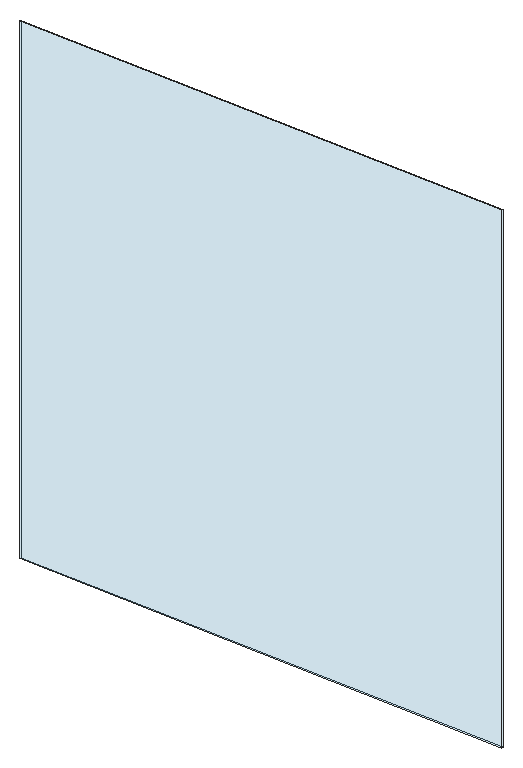
Revit family
Parameters (values of type "72" x 72"")
  Sealant = 0' - 0 3/8"
  Pocket Depth [instance] = 0' - 0 1/2"
  Head Height = Sill Height + Rough Height - Sealant  # 8' - 11 5/8"
  Depth [instance] = 0' - 4 3/4"
  Sill Height = 3' - 0"
  Rough Width = 6' - 0"
  Rough Height = 6' - 0"
  Model = "OPG5000"
  Material = ""
  Manufacturer = "Arcadia"
  Sightline = 0' - 2 5/8"
  Height = Rough Height - Sealant - Sealant  # 5' - 11 1/4"
  Wall Closure = (empty or 0)
  Width = Rough Width - Sealant - Sealant  # 5' - 11 1/4"
  Glass Thickness [instance] = 0' - 0 1/4"
  Offset to Inside Face of Glass [instance] = 0' - 3 13/16"
  Construction Type = "Aluminum"
  Center of Rough Opening [instance] = Rough Width / 2  # 3' - 0"
  Center of Glass [instance] = Glass Thickness / 2  # 0' - 0 1/8"
  Center Wall to Outside Face [instance] = 0' - 2 7/8"
  Assembly Code = ""
Reference planes (in)
  plane 1 "Center (Front/Back)": y = 0
  plane 2: z = 0
  plane 3 "Center (Left/Right)": x = 12
  plane 4 "Rough Opening Bottom": z = 36
  plane 5 "Rough Opening Top": z = 108
  plane 6 "Exterior Face": y = 7.5
  plane 7 "Frame Top": z = 105.375
  plane 8 "Frame Bottom": z = 38.625
  plane 9 "Rough Opening Left": x = -24
  plane 10 "Rough Opening Right": x = 48
  plane 11 "Frame Left": x = -21.375
  plane 12 "Frame Right": x = 45.375
  plane 13 "Exterior Glass Edge": y = 4.73644
  plane 14 "Interior Glass Edge": y = 4.48644
  plane 15 "Glass Centerline": y = 4.61144
  plane 16 "Frame Outside": y = 5.42394
  plane 17 "Frame Inside": y = 0.67394
  plane 18: z = 105.875
  plane 19: z = 38.125
  plane 20: x = 45.875
  plane 21: x = -21.875
  plane 22: x = 47.625
  plane 23: x = -23.625
  plane 24: z = 107.625
  plane 25: z = 36.375
Forms (in)
  Extrusion 1, solid, material "Anodize Arcadia AC2 Clear #11", detail levels coarse
    sketch origin (0, 0, 36) x (0, -1, 0) y (1, 0, 0)
      loop
        line (-5.42394, -24) -> (-0.67394, -24) -> (-0.67394, -21.375) -> (-4.48644, -21.375) -> (-4.48644, -21.875) -> (-4.73644, -21.875) -> (-4.73644, -21.375) -> (-5.42394, -21.375) -> (-5.42394, -24)
    from 0 to 72 <- "Rough Height"
  Extrusion 2, solid, material "Anodize Arcadia AC2 Clear #11", detail levels coarse
    sketch origin (0, 0, 36) x (0, -1, 0) y (1, 0, 0)
      loop
        line (-5.42394, 45.375) -> (-4.73644, 45.375) -> (-4.73644, 45.875) -> (-4.48644, 45.875) -> (-4.48644, 45.375) -> (-0.67394, 45.375) -> (-0.67394, 48) -> (-5.42394, 48) -> (-5.42394, 45.375)
    from 0 to 72 <- "Rough Height"
  Extrusion 3, solid, material "Glass"
    sketch origin (-0.5, 0, 36) x (0, -1, 0) y (1, 0, 0)
      loop
        line (-4.73644, -21.375) -> (-4.48644, -21.375) -> (-4.48644, 46.375) -> (-4.73644, 46.375) -> (-4.73644, -21.375)
    from 2.125 to 69.875
  Extrusion 4, solid, material "Anodize Arcadia AC2 Clear #11", detail levels coarse
    sketch origin (-24, 0, 0) x (0, 1, 0) y (0, 0, 1)
      loop
        line (0.67394, 108) -> (0.67394, 105.375) -> (4.48644, 105.375) -> (4.48644, 105.875) -> (4.73644, 105.875) -> (4.73644, 105.375) -> (5.42394, 105.375) -> (5.42394, 108) -> (0.67394, 108)
    from 0 to 72 <- "Rough Width"
  Extrusion 5, solid, material "Anodize Arcadia AC2 Clear #11", detail levels coarse
    sketch origin (-24, 0, 0) x (0, 1, 0) y (0, 0, 1)
      loop
        line (5.42394, 38.625) -> (4.73644, 38.625) -> (4.73644, 38.125) -> (4.48644, 38.125) -> (4.48644, 38.625) -> (0.67394, 38.625) -> (0.67394, 36) -> (5.42394, 36) -> (5.42394, 38.625)
    from 0 to 72 <- "Rough Width"
  Extrusion 6, void
    sketch origin (0, 0, 36) x (0, -1, 0) y (1, 0, 0)
      loop
        line (-7.5, -24) -> (0.5, -24) -> (0.5, 48) -> (-7.5, 48) -> (-7.5, -24)
    from 0 to 72 <- "Rough Height"
Lines and regions (in)
  symbolic lines, detail levels coarse
    curve 1: line (-24, 5.42394, 0) -> (-21.375, 5.42394, 0)
    curve 2: line (-21.375, 5.42394, 0) -> (-21.375, 4.73644, 0)
    curve 3: line (45.875, 4.73644, 0) -> (-21.875, 4.73644, 0)
    curve 4: line (-21.875, 4.73644, 0) -> (-21.875, 4.48644, 0)
    curve 5: line (-21.875, 4.48644, 0) -> (45.875, 4.48644, 0)
    curve 6: line (-21.375, 4.48644, 0) -> (-21.375, 0.67394, 0)
    curve 7: line (-21.375, 0.67394, 0) -> (-24, 0.67394, 0)
    curve 8: line (-24, 0.67394, 0) -> (-24, 5.42394, 0)
    curve 9: line (48, 5.42394, 0) -> (45.375, 5.42394, 0)
    curve 10: line (45.375, 5.42394, 0) -> (45.375, 4.73644, 0)
    curve 11: line (45.875, 4.73644, 0) -> (45.875, 4.48644, 0)
    curve 12: line (45.375, 4.48644, 0) -> (45.375, 0.67394, 0)
    curve 13: line (45.375, 0.67394, 0) -> (48, 0.67394, 0)
    curve 14: line (48, 0.67394, 0) -> (48, 5.42394, 0)
Text (in)
  text "EXTERIOR" at (-58.6888, 50.90694, 0), in view "Ref. Level"
  text "INTERIOR" at (-58.6888, -37.76638, 0), in view "Ref. Level"
  text "Exterior" at (0, 43.65631, 123.19604), in view "Left"
  text "Exterior" at (0, 18.29385, 125.04747), in view "Right"
Dimensions and locks (in)
  "Rough Height": plane 4 "Rough Opening Bottom" to plane 5 "Rough Opening Top"
  "Sill Height": plane 2 to plane 4 "Rough Opening Bottom"
  "Sightline": plane 7 "Frame Top" to plane 5 "Rough Opening Top"
  "Sightline": plane 4 "Rough Opening Bottom" to plane 8 "Frame Bottom"
  "Rough Width": plane 9 "Rough Opening Left" to plane 10 "Rough Opening Right"
  "Sightline": plane 9 "Rough Opening Left" to plane 11 "Frame Left"
  "Sightline": plane 12 "Frame Right" to plane 10 "Rough Opening Right"
  "Depth": plane 17 "Frame Inside" to plane 16 "Frame Outside"
  "Glass Thickness": plane 13 "Exterior Glass Edge" to plane 14 "Interior Glass Edge"
  "Center of Glass": plane 15 "Glass Centerline" to plane 14 "Interior Glass Edge"
  "Center of Rough Opening": plane 9 "Rough Opening Left" to plane 3 "Center (Left/Right)"
  "Offset to Inside Face of Glass": plane 17 "Frame Inside" to plane 14 "Interior Glass Edge"
  "Pocket Depth": plane 12 "Frame Right" to plane 20
  "Pocket Depth": plane 21 to plane 11 "Frame Left"
  "Pocket Depth": plane 7 "Frame Top" to plane 18
  "Pocket Depth": plane 19 to plane 8 "Frame Bottom"
  "Sealant": plane 9 "Rough Opening Left" to plane 23
  "Sealant": plane 22 to plane 10 "Rough Opening Right"
  "Sealant": plane 24 to plane 5 "Rough Opening Top"
  "Sealant": plane 4 "Rough Opening Bottom" to plane 25
  aligned and locked: plane 6 "Exterior Face" to host wall
  aligned and locked: Extrusion 1 sketch curve to plane 17 "Frame Inside"
  aligned and locked: plane 16 "Frame Outside" to Extrusion 1 sketch curve
  aligned and locked: Extrusion 1 sketch curve to plane 11 "Frame Left"
  aligned and locked: plane 9 "Rough Opening Left" to Extrusion 1 sketch curve
  aligned and locked: plane 12 "Frame Right" to Extrusion 2 sketch curve
  aligned and locked: Extrusion 2 sketch curve to plane 10 "Rough Opening Right"
  aligned and locked: Extrusion 2 sketch curve to plane 17 "Frame Inside"
  aligned and locked: plane 16 "Frame Outside" to Extrusion 2 sketch curve
  aligned and locked: Extrusion 3 sketch curve to plane 13 "Exterior Glass Edge"
  aligned and locked: plane 14 "Interior Glass Edge" to Extrusion 3 sketch curve
  aligned and locked: plane 5 "Rough Opening Top" to Extrusion 4 sketch curve
  aligned and locked: Extrusion 4 sketch curve to plane 7 "Frame Top"
  aligned and locked: Extrusion 4 sketch curve to plane 17 "Frame Inside"
  aligned and locked: plane 16 "Frame Outside" to Extrusion 4 sketch curve
  aligned and locked: Extrusion 5 sketch curve to plane 4 "Rough Opening Bottom"
  aligned and locked: plane 8 "Frame Bottom" to Extrusion 5 sketch curve
  aligned and locked: Extrusion 5 sketch curve to plane 17 "Frame Inside"
  aligned and locked: plane 16 "Frame Outside" to Extrusion 5 sketch curve
  aligned and locked: plane 4 "Rough Opening Bottom" to nested 3
  aligned and locked: nested 2 to plane 5 "Rough Opening Top"
  aligned and locked: plane 19 to Extrusion 3
  aligned and locked: Extrusion 3 to plane 18
  aligned and locked: plane 17 "Frame Inside" to nested 3
  aligned and locked: plane 17 "Frame Inside" to nested 2
  aligned and locked: nested 1 to plane 16 "Frame Outside"
  aligned and locked: plane 10 "Rough Opening Right" to nested 1
  aligned and locked: nested 4 to plane 9 "Rough Opening Left"
  aligned and locked: plane 17 "Frame Inside" to nested 4
  aligned and locked: plane 13 "Exterior Glass Edge" to Extrusion 5 sketch curve
  aligned and locked: Extrusion 5 sketch curve to plane 14 "Interior Glass Edge"
  aligned and locked: plane 19 to Extrusion 5 sketch curve
  aligned and locked: Extrusion 4 sketch curve to plane 13 "Exterior Glass Edge"
  aligned and locked: plane 18 to Extrusion 4 sketch curve
  aligned and locked: plane 14 "Interior Glass Edge" to Extrusion 4 sketch curve
  aligned and locked: plane 14 "Interior Glass Edge" to Extrusion 2 sketch curve
  aligned and locked: Extrusion 2 sketch curve to plane 20
  aligned and locked: Extrusion 2 sketch curve to plane 13 "Exterior Glass Edge"
  aligned and locked: Extrusion 1 sketch curve to plane 14 "Interior Glass Edge"
  aligned and locked: Extrusion 1 sketch curve to plane 21
  aligned and locked: plane 13 "Exterior Glass Edge" to Extrusion 1 sketch curve
  aligned and locked: plane 16 "Frame Outside" to curve 1
  aligned and locked: plane 9 "Rough Opening Left" to curve 8
  aligned and locked: curve 2 to plane 11 "Frame Left"
  aligned and locked: curve 6 to plane 11 "Frame Left"
  aligned and locked: curve 4 to plane 21
  aligned and locked: curve 7 to plane 17 "Frame Inside"
  aligned and locked: curve 5 to plane 14 "Interior Glass Edge"
  aligned and locked: plane 13 "Exterior Glass Edge" to curve 3
  aligned and locked: curve 10 to plane 12 "Frame Right"
  aligned and locked: curve 12 to plane 12 "Frame Right"
  aligned and locked: curve 11 to plane 20
  aligned and locked: plane 10 "Rough Opening Right" to curve 14
  aligned and locked: curve 9 to plane 16 "Frame Outside"
  aligned and locked: plane 17 "Frame Inside" to curve 13
  aligned and locked: import instance to plane 9 "Rough Opening Left"
  aligned and locked: plane 17 "Frame Inside" to import instance
  aligned and locked: import instance to plane 17 "Frame Inside"
  aligned and locked: plane 10 "Rough Opening Right" to import instance
  aligned and locked: plane 16 "Frame Outside" to import instance
  aligned and locked: plane 5 "Rough Opening Top" to import instance
  aligned and locked: import instance to plane 16 "Frame Outside"
  aligned and locked: import instance to plane 4 "Rough Opening Bottom"
  aligned and locked: level to plane 2
  aligned and locked: plane 9 "Rough Opening Left" to Extrusion 6 sketch curve
  aligned and locked: plane 6 "Exterior Face" to Extrusion 6 sketch curve
  aligned and locked: host wall to Extrusion 6 sketch curve
  aligned and locked: plane 10 "Rough Opening Right" to Extrusion 6 sketch curve
Automatic sketch dimensions
  Extrusion 3 sketch curve to plane 21 = 0' - 0"
  Extrusion 3 sketch curve to plane 20 = 0' - 0"
  Extrusion 5 sketch curve to plane 8 "Frame Bottom" = 0' - 0"
  Extrusion 4 sketch curve to plane 7 "Frame Top" = 0' - 0"
  Extrusion 2 sketch curve to plane 12 "Frame Right" = 0' - 0"
  Extrusion 1 sketch curve to plane 11 "Frame Left" = 0' - 0"
Nested families (in)
  nested 1: "Window-Arcadia-OPG5000-Med-Jamb-R" at (46.9375, 4.61144, 0) x (-1, 0, 0) z (0, 0, 1), type "Window-Arcadia-OPG5000-Med-Jamb-R", detail levels medium
    with Sightline 0' - 2 5/8", Pocket Depth 0' - 0 1/2", Offset to Inside Face of Glass 0' - 3 13/16", Glass Width 0' - 0 1/4", Frame Wall Thickness 0' - 0 3/32", Depth 0' - 4 3/4", Center of Glass 0' - 0 1/8"
  nested 2: "Window-Arcadia-OPG5000-Med-Head" at (33.875, 4.61144, 108) x (0, -1, 0) z (1, 0, 0), type "Window-Arcadia-OPG5000-Med-Head", detail levels medium
    with Sightline 0' - 2 5/8", Pocket Depth 0' - 0 1/2", Offset to Inside Face of Glass 0' - 3 13/16", Glass Width 0' - 0 1/4", Frame Wall Thickness 0' - 0 3/32", Depth 0' - 4 3/4", Center of Glass 0' - 0 1/8"
  nested 3: "Window-Arcadia-OPG5000-Med-Sill" at (33.875, 4.61144, 36) x (0, -1, 0) z (1, 0, 0), type "Window-Arcadia-OPG5000-Med-Sill", detail levels medium
    with Sightline 0' - 2 5/8", Pocket Depth 0' - 0 1/2", Offset to Inside Face of Glass 0' - 3 13/16", Glass Width 0' - 0 1/4", Frame Wall Thickness 0' - 0 3/32", Depth 0' - 4 3/4", Center of Glass 0' - 0 1/8"
  nested 4: "Window-Arcadia-OPG5000-Med-Jamb-L" at (-22.9375, 4.61144, 0) x (-1, 0, 0) z (0, 0, 1), type "Window-Arcadia-OPG5000-Med-Jamb-L", detail levels medium
    with Sightline 0' - 2 5/8", Pocket Depth 0' - 0 1/2", Offset to Inside Face of Glass 0' - 3 13/16", Glass Width 0' - 0 1/4", Frame Wall Thickness 0' - 0 3/32", Depth 0' - 4 3/4", Center of Glass 0' - 0 1/8"
Definition of nested family "Window-Arcadia-OPG5000-Med-Jamb-R"
  Parameters (values of type "Window-Arcadia-TC670-Med-Jamb-R")
    Depth [instance] = 0' - 6"
    Pocket Depth [instance] = 0' - 0 3/4"
    Offset to Inside Face of Glass [instance] = 0' - 4"
    Glass Width [instance] = 0' - 1"
    Sightline [instance] = 0' - 2 5/8"
    Center of Glass [instance] = Glass Width / 2  # 0' - 0 1/2"
    Frame Wall Thickness [instance] = 0' - 0 3/32"
    Assembly Code = ""
  Reference planes (in)
    plane 1 "Center (Front/Back)": y = 0
    plane 2: z = 0
    plane 3: x = 1.5625
    plane 4 "back": x = -1.0625
    plane 5: y = 4.5
    plane 6: y = -1.5
    plane 7 "Inside Face of Glass": y = 0.5
    plane 8: y = -0.5
    plane 9: x = 0.8125
  Lines and regions (in)
    detail lines, in view "Ref. Level", detail levels medium
      curve 1: line (-1.0625, 4.5, 0) -> (-1.0625, -1.5, 0)
      curve 2: line (-1.0625, -1.5, 0) -> (1.5625, -1.5, 0)
      curve 3: line (1.5625, -1.5, 0) -> (1.5625, -0.5, 0)
      curve 4: line (1.5625, -0.5, 0) -> (0.8125, -0.5, 0)
      curve 5: line (0.8125, -0.5, 0) -> (0.8125, 0.5, 0)
      curve 6: line (0.8125, 0.5, 0) -> (1.5625, 0.5, 0)
      curve 7: line (1.5625, 0.5, 0) -> (1.5625, 4.5, 0)
      curve 8: line (1.5625, 4.5, 0) -> (-1.0625, 4.5, 0)
      curve 9: line (1.46875, 4.40625, 0) -> (-0.96875, 4.40625, 0)
      curve 10: line (-0.96875, 4.40625, 0) -> (-0.96875, -1.40625, 0)
      curve 11: line (-0.96875, -1.40625, 0) -> (1.46875, -1.40625, 0)
      curve 12: line (1.46875, -1.40625, 0) -> (1.46875, -0.59375, 0)
      curve 13: line (1.46875, -0.59375, 0) -> (0.71875, -0.59375, 0)
      curve 14: line (0.71875, -0.59375, 0) -> (0.71875, 0.59375, 0)
      curve 15: line (0.71875, 0.59375, 0) -> (1.46875, 0.59375, 0)
      curve 16: line (1.46875, 0.59375, 0) -> (1.46875, 4.40625, 0)
      curve 17: line (1.5625, 4.5, 0) -> (-1.0625, 4.5, 0)
      curve 18: line (-1.0625, 4.40625, 0) -> (-1.0625, -1.5, 0)
  Dimensions and locks (in)
    "Sightline": plane 4 "back" to plane 3
    "Depth": plane 5 to plane 6
    "Center of Glass": plane 1 "Center (Front/Back)" to plane 7 "Inside Face of Glass"
    "Glass Width": plane 8 to plane 7 "Inside Face of Glass"
    "Pocket Depth": plane 9 to plane 3
    "Offset to Inside Face of Glass": plane 5 to plane 7 "Inside Face of Glass"
    "Frame Wall Thickness": plane 5 to curve 9
    "Frame Wall Thickness": plane 4 "back" to curve 10
    "Frame Wall Thickness": curve 11 to plane 6
    "Frame Wall Thickness": curve 12 to plane 3
    "Frame Wall Thickness": curve 13 to plane 8
    "Frame Wall Thickness": plane 7 "Inside Face of Glass" to curve 15
    "Frame Wall Thickness": curve 14 to plane 9
    "Frame Wall Thickness": curve 16 to plane 3
    aligned and locked: plane 5 to curve 8
    aligned and locked: curve 1 to plane 4 "back"
    aligned and locked: curve 2 to plane 6
    aligned and locked: plane 3 to curve 3
    aligned and locked: curve 4 to plane 8
    aligned and locked: plane 9 to curve 5
    aligned and locked: plane 7 "Inside Face of Glass" to curve 6
    aligned and locked: plane 3 to curve 7
  Automatic sketch dimensions
    curve 18 to curve 9 = 0' - 0"
Definition of nested family "Window-Arcadia-OPG5000-Med-Head"
  Parameters (values of type "Window-Arcadia-A400-Med-Head")
    Depth [instance] = 0' - 6"
    Pocket Depth [instance] = 0' - 0 1/2"
    Offset to Inside Face of Glass [instance] = 0' - 4"
    Glass Width [instance] = 0' - 1"
    Sightline [instance] = 0' - 2 5/8"
    Center of Glass [instance] = Glass Width / 2  # 0' - 0 1/2"
    Frame Wall Thickness [instance] = 0' - 0 3/32"
    Assembly Code = ""
  Reference planes (in)
    plane 1 "Center (Front/Back)": y = 0
    plane 2: z = 0
    plane 3 "Center (Left/Right)": x = 0
    plane 4: x = -0.5
    plane 5 "Inside Face of Glass": x = 0.5
    plane 6: y = -2.625
    plane 7: x = 4.5
    plane 8: x = -1.5
    plane 9: y = -2.125
  Lines and regions (in)
    detail lines, in view "Ref. Level", detail levels medium
      curve 1: line (-1.5, 0, 0) -> (-1.5, -2.625, 0)
      curve 2: line (-1.5, -2.625, 0) -> (-0.5, -2.625, 0)
      curve 3: line (-0.5, -2.625, 0) -> (-0.5, -2.125, 0)
      curve 4: line (-0.5, -2.125, 0) -> (0.5, -2.125, 0)
      curve 5: line (0.5, -2.125, 0) -> (0.5, -2.625, 0)
      curve 6: line (0.5, -2.625, 0) -> (4.5, -2.625, 0)
      curve 7: line (4.5, -2.625, 0) -> (4.5, 0, 0)
      curve 8: line (4.5, 0, 0) -> (-1.5, 0, 0)
      curve 9: line (-1.40625, -0.09375, 0) -> (-1.40625, -2.53125, 0)
      curve 10: line (4.40625, -0.09375, 0) -> (-1.40625, -0.09375, 0)
      curve 11: line (4.40625, -2.53125, 0) -> (4.40625, -0.09375, 0)
      curve 12: line (0.59375, -2.53125, 0) -> (4.40625, -2.53125, 0)
      curve 13: line (-1.40625, -2.53125, 0) -> (-0.59375, -2.53125, 0)
      curve 14: line (-0.59375, -2.53125, 0) -> (-0.59375, -2.03125, 0)
      curve 15: line (-0.59375, -2.03125, 0) -> (0.59375, -2.03125, 0)
      curve 16: line (0.59375, -2.03125, 0) -> (0.59375, -2.53125, 0)
  Dimensions and locks (in)
    "Sightline": plane 6 to plane 1 "Center (Front/Back)"
    "Depth": plane 8 to plane 7
    "Pocket Depth": plane 6 to plane 9
    "Offset to Inside Face of Glass": plane 5 "Inside Face of Glass" to plane 7
    "Glass Width": plane 4 to plane 5 "Inside Face of Glass"
    "Center of Glass": plane 3 "Center (Left/Right)" to plane 5 "Inside Face of Glass"
    "Frame Wall Thickness": plane 8 to curve 9
    "Frame Wall Thickness": curve 10 to plane 1 "Center (Front/Back)"
    "Frame Wall Thickness": curve 11 to plane 7
    "Frame Wall Thickness": plane 6 to curve 12
    "Frame Wall Thickness": plane 6 to curve 13
    "Frame Wall Thickness": plane 9 to curve 15
    "Frame Wall Thickness": plane 5 "Inside Face of Glass" to curve 16
    "Frame Wall Thickness": curve 14 to plane 4
    aligned and locked: curve 8 to plane 1 "Center (Front/Back)"
    aligned and locked: plane 7 to curve 7
    aligned and locked: curve 1 to plane 8
    aligned and locked: plane 9 to curve 4
    aligned and locked: plane 4 to curve 3
    aligned and locked: plane 6 to curve 2
    aligned and locked: plane 6 to curve 6
  Automatic sketch dimensions
    curve 5 to plane 5 "Inside Face of Glass" = 0' - 0"
Definition of nested family "Window-Arcadia-OPG5000-Med-Sill"
  Parameters (values of type "Window-Arcadia-A400-Med-Sill")
    Depth [instance] = 0' - 6"
    Pocket Depth [instance] = 0' - 0 1/2"
    Offset to Inside Face of Glass [instance] = 0' - 4"
    Glass Width [instance] = 0' - 1"
    Sightline [instance] = 0' - 2 5/8"
    Center of Glass [instance] = Glass Width / 2  # 0' - 0 1/2"
    Frame Wall Thickness [instance] = 0' - 0 3/32"
    Assembly Code = ""
  Reference planes (in)
    plane 1 "Center (Front/Back)": y = 0
    plane 2: z = 0
    plane 3 "Center (Left/Right)": x = 0
    plane 4: x = -0.5
    plane 5 "Inside Face of Glass": x = 0.5
    plane 6: y = 2.625
    plane 7: x = 4.5
    plane 8: x = -1.5
    plane 9: y = 2.125
  Lines and regions (in)
    detail lines, in view "Ref. Level", detail levels medium
      curve 1: line (-1.5, 2.625, 0) -> (-1.5, 0, 0)
      curve 2: line (-1.5, 0, 0) -> (4.5, 0, 0)
      curve 3: line (4.5, 0, 0) -> (4.5, 2.625, 0)
      curve 4: line (4.5, 2.625, 0) -> (0.5, 2.625, 0)
      curve 5: line (0.5, 2.625, 0) -> (0.5, 2.125, 0)
      curve 6: line (0.5, 2.125, 0) -> (-0.5, 2.125, 0)
      curve 7: line (-0.5, 2.125, 0) -> (-0.5, 2.625, 0)
      curve 8: line (-0.5, 2.625, 0) -> (-1.5, 2.625, 0)
      curve 9: line (-0.59375, 2.53125, 0) -> (-1.40625, 2.53125, 0)
      curve 10: line (-1.40625, 2.53125, 0) -> (-1.40625, 0.09375, 0)
      curve 11: line (-1.40625, 0.09375, 0) -> (4.40625, 0.09375, 0)
      curve 12: line (4.40625, 0.09375, 0) -> (4.40625, 2.53125, 0)
      curve 13: line (4.40625, 2.53125, 0) -> (0.59375, 2.53125, 0)
      curve 14: line (0.59375, 2.53125, 0) -> (0.59375, 2.03125, 0)
      curve 15: line (0.59375, 2.03125, 0) -> (-0.59375, 2.03125, 0)
      curve 16: line (-0.59375, 2.03125, 0) -> (-0.59375, 2.53125, 0)
  Dimensions and locks (in)
    "Pocket Depth": plane 9 to plane 6
    "Sightline": plane 1 "Center (Front/Back)" to plane 6
    "Depth": plane 8 to plane 7
    "Offset to Inside Face of Glass": plane 5 "Inside Face of Glass" to plane 7
    "Glass Width": plane 4 to plane 5 "Inside Face of Glass"
    "Center of Glass": plane 3 "Center (Left/Right)" to plane 5 "Inside Face of Glass"
    "Frame Wall Thickness": curve 9 to plane 6
    "Frame Wall Thickness": plane 8 to curve 10
    "Frame Wall Thickness": plane 1 "Center (Front/Back)" to curve 11
    "Frame Wall Thickness": curve 12 to plane 7
    "Frame Wall Thickness": curve 13 to plane 6
    "Frame Wall Thickness": plane 5 "Inside Face of Glass" to curve 14
    "Frame Wall Thickness": curve 15 to plane 9
    "Frame Wall Thickness": curve 16 to plane 4
    aligned and locked: plane 1 "Center (Front/Back)" to curve 2
    aligned and locked: plane 7 to curve 3
    aligned and locked: curve 1 to plane 8
    aligned and locked: curve 8 to plane 6
    aligned and locked: curve 4 to plane 6
    aligned and locked: curve 6 to plane 9
    aligned and locked: curve 5 to plane 5 "Inside Face of Glass"
    aligned and locked: plane 4 to curve 7
  Automatic sketch dimensions
    curve 7 to plane 9 = 0' - 0"
Definition of nested family "Window-Arcadia-OPG5000-Med-Jamb-L"
  Parameters (values of type "Window-Arcadia-TC670-Med-Jamb-L")
    Depth [instance] = 0' - 6"
    Pocket Depth [instance] = 0' - 0 1/2"
    Offset to Inside Face of Glass [instance] = 0' - 4"
    Glass Width [instance] = 0' - 1"
    Sightline [instance] = 0' - 2 1/8"
    Center of Glass [instance] = Glass Width / 2  # 0' - 0 1/2"
    Frame Wall Thickness [instance] = 0' - 0 3/32"
    Assembly Code = ""
  Reference planes (in)
    plane 1 "Center (Front/Back)": y = 0
    plane 2: z = 0
    plane 3 "BACK": x = 1.0625
    plane 4 "FRONT": x = -1.0625
    plane 5: y = 1.5
    plane 6: y = -4.5
    plane 7 "Inside Face of Glass": y = 0.5
    plane 8: y = -0.5
    plane 9: x = -0.5625
  Lines and regions (in)
    detail lines, in view "Ref. Level", detail levels medium
      curve 1: line (1.0625, 1.5, 0) -> (1.0625, -4.5, 0)
      curve 2: line (1.0625, -4.5, 0) -> (-1.0625, -4.5, 0)
      curve 3: line (-1.0625, -4.5, 0) -> (-1.0625, -0.5, 0)
      curve 4: line (-1.0625, -0.5, 0) -> (-0.5625, -0.5, 0)
      curve 5: line (-0.5625, -0.5, 0) -> (-0.5625, 0.5, 0)
      curve 6: line (-0.5625, 0.5, 0) -> (-1.0625, 0.5, 0)
      curve 7: line (-1.0625, 0.5, 0) -> (-1.0625, 1.5, 0)
      curve 8: line (-1.0625, 1.5, 0) -> (1.0625, 1.5, 0)
      curve 9: line (-0.96875, 1.40625, 0) -> (0.96875, 1.40625, 0)
      curve 10: line (-0.96875, 0.59375, 0) -> (-0.96875, 1.40625, 0)
      curve 11: line (-0.46875, 0.59375, 0) -> (-0.96875, 0.59375, 0)
      curve 12: line (-0.46875, -0.59375, 0) -> (-0.46875, 0.59375, 0)
      curve 13: line (-0.96875, -0.59375, 0) -> (-0.46875, -0.59375, 0)
      curve 14: line (-0.96875, -4.40625, 0) -> (-0.96875, -0.59375, 0)
      curve 15: line (0.96875, -4.40625, 0) -> (-0.96875, -4.40625, 0)
      curve 16: line (0.96875, 1.40625, 0) -> (0.96875, -4.40625, 0)
  Dimensions and locks (in)
    "Depth": plane 5 to plane 6
    "Pocket Depth": plane 4 "FRONT" to plane 9
    "Sightline": plane 4 "FRONT" to plane 3 "BACK"
    "Glass Width": plane 8 to plane 7 "Inside Face of Glass"
    "Center of Glass": plane 1 "Center (Front/Back)" to plane 7 "Inside Face of Glass"
    "Frame Wall Thickness": plane 4 "FRONT" to curve 10
    "Frame Wall Thickness": plane 5 to curve 9
    "Frame Wall Thickness": curve 15 to plane 6
    "Frame Wall Thickness": curve 13 to plane 8
    "Frame Wall Thickness": plane 9 to curve 12
    "Frame Wall Thickness": plane 7 "Inside Face of Glass" to curve 11
    "Frame Wall Thickness": plane 4 "FRONT" to curve 14
    "Offset to Inside Face of Glass": plane 6 to plane 8
    aligned and locked: curve 8 to plane 5
    aligned and locked: curve 1 to plane 3 "BACK"
    aligned and locked: plane 6 to curve 2
    aligned and locked: curve 3 to plane 4 "FRONT"
    aligned and locked: plane 8 to curve 4
    aligned and locked: plane 9 to curve 5
    aligned and locked: curve 6 to plane 7 "Inside Face of Glass"
    aligned and locked: plane 4 "FRONT" to curve 7
  Automatic sketch dimensions
    curve 16 to plane 3 "BACK" = 0' - 0 3/32"
